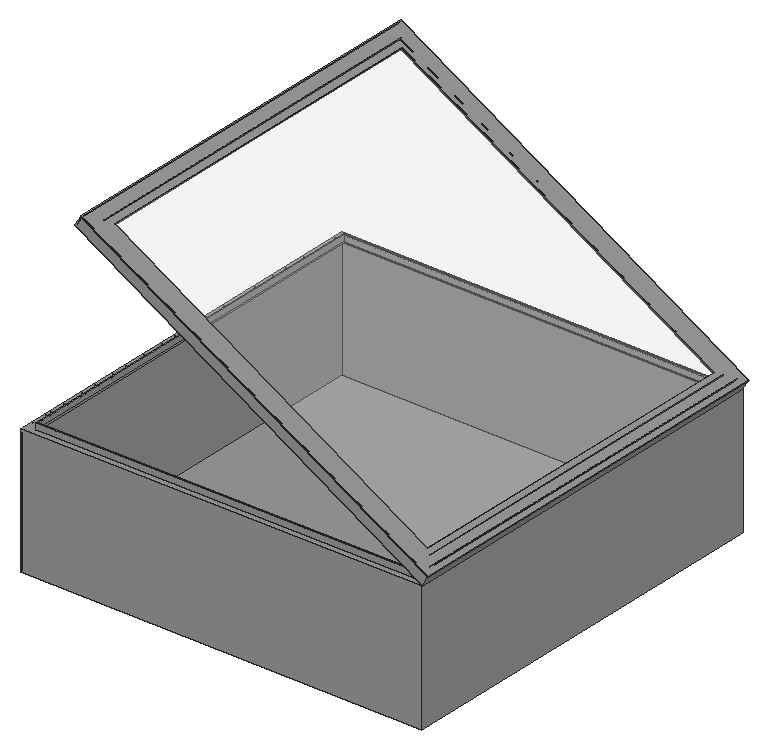
Revit family "Hager-Orion_Inox-IP66-D210-Cl.I-Inox_encl-630A-600mm-CH-de", category Electrical Equipment, host Face, Revit 2020
Family settings
  Host = Face
  Panel Configuration = Two Columns, Circuits Across
  Round Connector Dimension = Use Diameter
  Part Type = Panelboard
  Cut with Voids When Loaded = No
  Shared = No
  Room Calculation Point = No
Parameters (values of type "Aufputz IP66 B600 H600 T210  - FL028TWL")
  Width Control [instance] = if([EF000008 - Breite] > Min Width, [EF000008 - Breite], Min Width)  # 600 mm
  Type Comments = [HG000003 - Bereich]  # "Orion Inox"
  Thickness Door [instance] = if([EF009171 - Materialstärke Tür/Deckel] > 3 mm, 3 mm, [EF009171 - Materialstärke Tür/Deckel])  # 1.5 mm
  Seal Frame Offset [instance] = 17 mm  # constant formula
  Model = ""
  Min Width [instance] = 100 mm  # constant formula
  Min Height [instance] = 100 mm  # constant formula
  Min Depth [instance] = (2 * [EF009170 - Materialstärke Gehäuse]) + 1 mm  # 4 mm
  Internal Frame Depth [instance] = (Door System Depth * 0.5)  # 9 mm
  Height Control [instance] = if([EF000040 - Höhe] > Min Height, [EF000040 - Höhe], Min Height)  # 600 mm
  HG000027 - Sockelhöhe = 0 mm
  HG000026 - Stehend auf dem Boden = no
  HG000024 - Höhe des unteren Teils = 800 mm
  HG000023 - Gehäuse mit doppeltem Querschnitt = no
  HG000016 - 3D-Türsichtbarkeit [instance] = yes
  HG000015 - Sichtbarkeit der Türöffnung [instance] = no
  HG000014 - Tür rechts [instance] = yes
  HG000013 - Tür links [instance] = not([HG000014 - Tür rechts])  # no
  HG000012 - Türschwenkwinkel [instance] = 30.00°
  HG000010 - Asymmetrische Türen = no
  HG000009 - Doppelflügeligen Tür = no
  HG000006 - Unterputz = no
  HG000004 - Herstellerreferenz = "FL028TWL"
  HG000003 - Bereich = "Orion Inox"
  HG000002 - Mit tür = yes
  Frame Offset Bottom [instance] = 10 mm  # constant formula
  Frame Offset [instance] = 15 mm  # constant formula
  EF015940 - Deckel mit Überdruckentlastung = no
  EF011959 - Schutzart (NEMA) = ""
  EF009554 - Anzahl der Öffnungen für Flanschplatten = 0
  Manufacturer = "Hager"  # constant formula
  EF009212 - Ausführung Deckel = "EV000116 - geschlossen"
  EF009171 - Materialstärke Tür/Deckel = 1.5 mm
  EF009170 - Materialstärke Gehäuse = 1.5 mm
  EF008873 - Nennstrom (In) = 630 A
  EF007800 - Geeignet für Blitzschutz = no
  EF006306 - Mit Schloss = yes
  EF006244 - Transparenter Deckel/Tür = yes
  EF005474 - Schutzart (IP) = "EV006422 - IP66"
  EF004464 - Art der Tür = "EV002646 - Einzel"
  EF004427 - Anzahl der Module = 0
  EF004293 - Schlagfestigkeit = "EV006814 - IK08"
  EF003532 - Geeignet für Außengebrauch = yes
  EF002950 - Breite in Teilungseinheiten = 0
  EF001613 - Funktionserhalt = "EV000494 - ohne"
  EF001596 - Werkstoff des Gehäuses = "EV000166 - rostfreier Stahl"
  EF001131 - Innentiefe = 176 mm
  EF001088 - Anbaumöglichkeit = yes
  EF000437 - Anzahl der Leitungseinführungen = 0
  EF000339 - Art der Abdeckung = "EV004216 - Tür"
  EF000266 - Anzahl der Reihen = 0
  EF000218 - Einbautiefe = 0 mm
  EF000118 - Mit Montageplatte = no
  EF000116 - RAL-Nummer = ""
  EF000049 - Tiefe = 210 mm
  EF000040 - Höhe = 600 mm
  EF000008 - Breite = 600 mm
  EF000007 - Farbe = "EV000154 - sonstige"
  EF000003 - Montageart = "EV000384 - Aufputz"
  Door System Leaf Tolerance [instance] = 1.5 mm  # constant formula
  Door System Depth [instance] = 18 mm  # constant formula
  Depth Control [instance] = if([EF000049 - Tiefe] > Min Depth, [EF000049 - Tiefe], Min Depth)  # 210 mm
  Default Elevation = 0 mm
Types (12, lengths in mm): name | Width Control | HG000004 - Herstellerreferenz | EF009212 - Ausführung Deckel | EF006306 - Mit Schloss | EF006244 - Transparenter Deckel/Tür | EF004293 - Schlagfestigkeit | EF001613 - Funktionserhalt | EF000008 - Breite
  Aufputz IP66 B400 H600 T210  - FL025BWL | 400 | "FL025BWL" | "EV009916 - mit Ausschnitt" | no | no | "EV008784 - IK10" | "" | 400
  Aufputz IP66 B400 H600 T210  - FL025TW | 400 | "FL025TW" | "EV000116 - geschlossen" | yes | yes | "EV006814 - IK08" | "EV000494 - ohne" | 400
  Aufputz IP66 B400 H600 T210  - FL025TWL | 400 | "FL025TWL" | "EV000116 - geschlossen" | yes | yes | "EV006814 - IK08" | "EV000494 - ohne" | 400
  Aufputz IP66 B500 H600 T210  - FL027BW | 500 | "FL027BW" | "EV000116 - geschlossen" | yes | no | "EV008784 - IK10" | "EV000494 - ohne" | 500
  Aufputz IP66 B500 H600 T210  - FL027BWL | 500 | "FL027BWL" | "EV000116 - geschlossen" | yes | no | "EV008784 - IK10" | "EV000494 - ohne" | 500
  Aufputz IP66 B500 H600 T210  - FL027TW | 500 | "FL027TW" | "EV000116 - geschlossen" | yes | yes | "EV006814 - IK08" | "EV000494 - ohne" | 500
  Aufputz IP66 B500 H600 T210  - FL027TWL | 500 | "FL027TWL" | "EV000116 - geschlossen" | yes | yes | "EV006814 - IK08" | "EV000494 - ohne" | 500
  Aufputz IP66 B600 H600 T210  - FL025BW | 600 | "FL025BW" | "EV009916 - mit Ausschnitt" | no | no | "EV008784 - IK10" | "" | 600
  Aufputz IP66 B600 H600 T210  - FL028BW | 600 | "FL028BW" | "EV000116 - geschlossen" | yes | no | "EV008784 - IK10" | "EV000494 - ohne" | 600
  Aufputz IP66 B600 H600 T210  - FL028BWL | 600 | "FL028BWL" | "EV000116 - geschlossen" | yes | no | "EV008784 - IK10" | "EV000494 - ohne" | 600
  Aufputz IP66 B600 H600 T210  - FL028TW | 600 | "FL028TW" | "EV000116 - geschlossen" | yes | yes | "EV006814 - IK08" | "EV000494 - ohne" | 600
  Aufputz IP66 B600 H600 T210  - FL028TWL | 600 | "FL028TWL" | "EV000116 - geschlossen" | yes | yes | "EV006814 - IK08" | "EV000494 - ohne" | 600
Reference planes
  plane 1 "Center (Front/Back)": y = 0
  plane 2: z = 0
  plane 3 "Center (Left/Right)": x = 0
  plane 4: z = 210
  plane 5: y = 1.5
  plane 6: y = 300
  plane 7: y = 0
  plane 8: y = 600
  plane 9: z = 0
  plane 10: x = -285
  plane 11: x = 285
  plane 12: x = 283.5
  plane 13: x = -283.5
  plane 14: y = 598.5
  plane 15: x = -283
  plane 16: x = -300
  plane 17: x = 283
  plane 18: x = 300
  plane 19: x = 298.5
  plane 20: x = -298.5
  plane 21: y = 11.5
  plane 22: y = 600
  plane 23: y = 583.5
  plane 24: z = 192
  plane 25: z = 1.5
  plane 26: z = 190.5
  plane 27: z = 208.5
Forms (mm)
  Extrusion 1, solid, material "Hager_Stainless_Steel", detail levels medium+fine
    sketch origin (0, 0, 0) x (1, 0, 0) y (0, 1, 0)
      loop
        line (-300, 0) -> (300, 0) -> (300, 600) -> (-300, 600) -> (-300, 0)
    from 0 to 192
  Extrusion 2, solid, material "Hager_Steel_RAL 7035_Light_Grey", not visible, detail levels medium+fine
    sketch origin (0, 28.16, 50.802) x (0, 1, 0) y (0, 0, 1)
      loop
        line (323.34, -50.802) -> (323.34, 147.698)
        arc (323.34, 147.698) -> (320.411, 154.769) -> (313.34, 157.698) r 10
        line (313.34, 157.698) -> (283.34, 157.698) -> (283.34, -50.802) -> (323.34, -50.802)
    from -298.5 to 298.5
  Extrusion 3, void
    sketch origin (0, 0, 0) x (1, 0, 0) y (0, 1, 0)
      loop
        line (-298.5, 1.5) -> (298.5, 1.5) -> (298.5, 598.5) -> (-298.5, 598.5) -> (-298.5, 1.5)
    from 1.5 to 190.5
  Extrusion 4, void
    sketch origin (-381.607, -4572, 192) x (0, -1, 0) y (-1, 0, 0)
      loop
        line (-4583.5, -98.107) -> (-5155.5, -98.107) -> (-5155.5, -665.107) -> (-4583.5, -665.107) -> (-4583.5, -98.107)
    from 0 to 1.5 <- "EF009170 - Materialstärke Gehäuse"
  Extrusion 5, solid, material "Hager_Stainless_Steel", detail levels fine
    sketch origin (-381.607, -4572, 192) x (-1, 0, 0) y (0, -1, 0)
      loop
        line (-98.107, -4583.5) -> (-665.107, -4583.5) -> (-665.107, -5155.5) -> (-98.107, -5155.5) -> (-98.107, -4583.5)
      loop
        line (-97.107, -4582) -> (-666.107, -4582) -> (-666.107, -5157) -> (-97.107, -5157) -> (-97.107, -4582)
    from 0 to 9 <- "Internal Frame Depth"
  Extrusion 6, solid, material "Hager_Stainless_Steel", detail levels coarse
    sketch origin (0, 0, 0) x (1, 0, 0) y (0, 1, 0)
      loop
        line (-300, 0) -> (300, 0) -> (300, 600) -> (-300, 600) -> (-300, 0)
    from 0 to 210
Cuts and joins
  Extrusion 3, Extrusion 4 cuts Extrusion 1
Lines and regions (mm)
  Masking region 1
    outline origin (0, 0, 0) x (1, 0, 0) y (0, 0, 1)
      loop
        line (-300, 210) -> (-300, 0) -> (300, 0) -> (300, 210) -> (-300, 210)
  Masking region 2, detail levels medium+fine
    outline origin (0, 140, 0) x (0, 1, 0) y (0, 0, 1)
      loop
        line (-140, 0) -> (460, 0) -> (460, 192) -> (-140, 192) -> (-140, 0)
  Masking region 3, not visible, detail levels medium+fine
    outline origin (0, 297.922, 0) x (0, 1, 0) y (0, 0, 1)
      loop
        line (13.578, 0) -> (53.578, 0) -> (53.578, 198.5)
        arc (53.578, 198.5) -> (50.649, 205.571) -> (43.578, 208.5) r 10
        line (43.578, 208.5) -> (13.578, 208.5) -> (13.578, 0)
  Masking region 4, detail levels coarse
    outline origin (0, 0, 180) x (0, 1, 0) y (0, 0, 1)
      loop
        line (0, -180) -> (600, -180) -> (600, 30) -> (0, 30) -> (0, -180)
  Masking region 5
    outline origin (-381.607, -4572, 192) x (-1, 0, 0) y (0, -1, 0)
      loop
        line (-81.607, -5172) -> (-81.607, -4572) -> (-681.607, -4572) -> (-681.607, -5172) -> (-81.607, -5172)
Dimensions and locks
  "Depth Control": plane 4 to host face
  "EF009170 - Materialstärke Gehäuse": plane 5 to plane 7
  locked: connector elem to plane 3 "Center (Left/Right)"
  equal spacing: plane 8, plane 6, plane 7
  locked: connector elem to plane 6
  "EF009170 - Materialstärke Gehäuse": plane 8 to plane 14
  "EF009170 - Materialstärke Gehäuse": plane 10 to plane 13
  "EF009170 - Materialstärke Gehäuse": plane 12 to plane 11
  "Frame Offset": plane 20 to plane 13
  "Frame Offset": plane 12 to plane 19
  "EF009170 - Materialstärke Gehäuse": plane 16 to plane 20
  "EF009170 - Materialstärke Gehäuse": plane 19 to plane 18
  "Seal Frame Offset": plane 16 to plane 15
  "Seal Frame Offset": plane 17 to plane 18
  "Frame Offset Bottom": plane 21 to plane 5
  "Frame Offset": plane 14 to plane 23
  equal spacing: plane 16, plane 3 "Center (Left/Right)", plane 18
  "Width Control": plane 16 to plane 18
  "EF009170 - Materialstärke Gehäuse": plane 4 to plane 27
  "EF009170 - Materialstärke Gehäuse": plane 24 to plane 26
  "EF009170 - Materialstärke Gehäuse": plane 25 to level
  "Door System Depth": plane 4 to plane 24
  "Height Control": plane 1 "Center (Front/Back)" to Extrusion 6 sketch curve
  "Height Control": Masking region 4 sketch curve to plane 1 "Center (Front/Back)"
  "Thickness Door": Extrusion 5 sketch curve to plane 15
  "Thickness Door": plane 21 to Extrusion 5 sketch curve
  "Thickness Door": plane 17 to Extrusion 5 sketch curve
  "Thickness Door": Extrusion 5 sketch curve to plane 23
  "Height Control": plane 1 "Center (Front/Back)" to plane 22
  radius of Masking region 3 sketch curve = 10 mm
  radius of Extrusion 2 sketch curve = 10 mm
  aligned and locked: plane 2 to host face
  aligned and locked: level to host face
  aligned and locked: level to Masking region 1 sketch curve
  aligned and locked: Masking region 1 sketch curve to plane 18
  aligned and locked: Masking region 1 sketch curve to plane 16
  aligned and locked: plane 7 to Masking region 2 sketch curve
  aligned and locked: level to Masking region 3 sketch curve
  aligned and locked: Masking region 3 sketch curve to plane 27
  aligned and locked: level to Masking region 2 sketch curve
  aligned and locked: Extrusion 1 sketch curve to plane 7
  aligned and locked: plane 16 to Extrusion 1 sketch curve
  aligned and locked: plane 18 to Extrusion 1 sketch curve
  aligned and locked: Extrusion 2 sketch curve to level
  aligned and locked: plane 27 to Extrusion 2 sketch curve
  aligned and locked: plane 20 to Extrusion 2
  aligned and locked: plane 19 to Extrusion 2
  aligned and locked: plane 20 to Extrusion 3 sketch curve
  aligned and locked: plane 19 to Extrusion 3 sketch curve
  aligned and locked: Extrusion 3 sketch curve to plane 5
  aligned and locked: Extrusion 3 to plane 25
  aligned and locked: plane 26 to Extrusion 3
  aligned and locked: plane 24 to Extrusion 1
  aligned and locked: Extrusion 4 sketch curve to plane 21
  aligned and locked: Extrusion 4 sketch curve to plane 13
  aligned and locked: Extrusion 4 sketch curve to plane 12
  aligned and locked: plane 18 to Extrusion 6 sketch curve
  aligned and locked: plane 1 "Center (Front/Back)" to Extrusion 6 sketch curve
  aligned and locked: plane 16 to Extrusion 6 sketch curve
  aligned and locked: plane 4 to Extrusion 6
  aligned and locked: Extrusion 6 to level
  aligned and locked: level to Masking region 4 sketch curve
  aligned and locked: Masking region 4 sketch curve to plane 1 "Center (Front/Back)"
  aligned and locked: Masking region 4 sketch curve to plane 4
  aligned and locked: nested 1 to level
  aligned and locked: nested 1 to plane 16
  aligned and locked: plane 8 to Extrusion 1 sketch curve
  aligned and locked: plane 23 to Extrusion 4 sketch curve
  aligned and locked: plane 14 to Extrusion 3 sketch curve
  aligned and locked: Extrusion 5 sketch curve to plane 21
  aligned and locked: plane 13 to Extrusion 5 sketch curve
  aligned and locked: plane 23 to Extrusion 5 sketch curve
  aligned and locked: plane 12 to Extrusion 5 sketch curve
  aligned and locked: Masking region 2 sketch curve to plane 8
  aligned and locked: Masking region 2 sketch curve to plane 24
  aligned and locked: nested 2 to plane 3 "Center (Left/Right)"
  aligned and locked: nested 2 to plane 24
  aligned and locked: Masking region 5 sketch curve to plane 1 "Center (Front/Back)"
  aligned and locked: Masking region 5 sketch curve to plane 18
  aligned and locked: Masking region 5 sketch curve to plane 22
  aligned and locked: Masking region 5 sketch curve to plane 16
  aligned and locked: plane 8 to plane 22
  aligned and locked: plane 7 to plane 1 "Center (Front/Back)"
  aligned and locked: nested 2 to plane 1 "Center (Front/Back)"
Automatic sketch dimensions
  host sketch curve to host sketch curve = 1469.727 mm
  host sketch curve to host sketch curve = 2116.445 mm
  plane 6 to Masking region 3 sketch curve = 11.5 mm
  Masking region 3 sketch curve to Masking region 3 sketch curve = 30 mm
  plane 6 to Extrusion 2 sketch curve = 11.5 mm
  Extrusion 2 sketch curve to Extrusion 2 sketch curve = 30 mm
  Masking region 1 sketch curve to plane 4 = 0 mm
Nested families
  nested 1: "Hager_Enclosure_Symbol" at (-300, 0, 0) x (1, 0, 0) z (0, -1, 0), Height <- "Depth Control", Width <- "Width Control", type "Hager_Enclosure_Symbol"
    with Width_Ctrl 600 mm, Width 600 mm, Height_Ctrl 210 mm, Height 210 mm, A_Width_Int 13.781 mm, A_Width 165.375 mm, A_Height_Ctrl 183.75 mm, A_Height 183.75 mm
  nested 2: "EC000058_OrionInox_Door" at (0, 600, 192) x (1, 0, 0) z (0, -1, 0), Leaf_Tolerance <- "Door System Leaf Tolerance", Angle <- "HG000012 - Türschwenkwinkel", Door_Depth <- "Door System Depth", Door_Left <- "HG000013 - Tür links", Transparent <- "EF006244 - Transparenter Deckel/Tür", Assymetrical <- "HG000010 - Asymmetrische Türen", Width <- "Width Control", Clearance <- "HG000015 - Sichtbarkeit der Türöffnung", Double <- "HG000009 - Doppelflügeligen Tür", 3d_Door <- "HG000016 - 3D-Türsichtbarkeit", Width_Ctrl <- "Width Control", Door_Right <- "HG000014 - Tür rechts", Door <- "HG000002 - Mit tür", Height <- "Height Control", Thickness <- "Thickness Door", type "EC000058_OrionInox_Door", detail levels medium+fine
    with min_wh 4 mm, Width_Ctrl 600 mm, Width 600 mm, Transparent yes, Thickness 1.5 mm, Seal_Material Hager_Rubber, Leaf_Width 600 mm, Leaf_Tolerance_External_Sides 0 mm, Leaf_Tolerance 1.5 mm, Leaf_Offset 0 mm, Leaf_Height 597 mm, Leaf_2_Width 600 mm, Leaf_2_Offset 300 mm, Leaf_1_Width 600 mm, Leaf_1_Offset 300 mm, Height_Ctrl 600 mm, Height 600 mm, Glass_Material Hager_Glass, Double_Clearance_Ctrl no, Double no, Door_Right_Ctrl yes, Door_Right yes, Door_Material Hager_Stainless_Steel, Door_Left_Ctrl no, Door_Left no, Door_Depth 18 mm, Door yes, Clearance_Material Hager_Clearance, Clearance_Depth 600 mm, Clearance_Ctrl no, Clearance no, Assymetrical no, Angle 30.00°, 3d_Door yes
Connectors
  electrical at (0, 300, 0)
    settings: on plane 9, index 1, voltage 0 V, apparent load 0 VA, apparent load phase1 0 VA, apparent load phase2 0 VA, apparent load phase3 0 VA, power factor 1, load classification "Other", number of poles 1, system type 30, power factor state 1, is connector primary yes, connector utility no, sub classification motor no, connector description ""
Definition of nested family "EC000058_OrionInox_Door"
  Parameters (values of type "EC000058_OrionInox_Door")
    min_wh [instance] = (2 * Thickness) + 1 mm  # 11 mm
    Width_Ctrl [instance] = 400 mm
    Width [instance] = 500 mm
    Transparent [instance] = yes
    Thickness [instance] = 5 mm
    Seal_Material [instance] = none
    Leaf_Width [instance] = if((Width_Ctrl - 2 * Leaf_Tolerance_External_Sides) > 0 mm, (Width_Ctrl - 2 * Leaf_Tolerance_External_Sides), min_wh)  # 400 mm
    Leaf_Tolerance_External_Sides [instance] = 0 mm  # constant formula
    Leaf_Tolerance [instance] = 1.5 mm
    Leaf_Offset [instance] = 0 mm  # constant formula
    Leaf_Height [instance] = if((Height_Ctrl - 2 * Leaf_Tolerance) > 0 mm, (Height_Ctrl - 2 * Leaf_Tolerance), min_wh)  # 497 mm
    Leaf_2_Width [instance] = if(and(and(Double, Assymetrical), Door_Left), (Leaf_Width / 3) - (Leaf_Tolerance / 2), if(and(and(Double, Assymetrical), Door_Right), (Leaf_Width / 3) * 2 - (Leaf_Tolerance / 2), if(and(Double, not(Assymetrical)), (Leaf_Width / 2) - Leaf_Tolerance, Leaf_Width)))  # 400 mm
    Leaf_2_Offset [instance] = if(and(Double, Assymetrical), Leaf_2_Width / 2, if(and(Double, not(Assymetrical)), Leaf_Width / 4, Leaf_Width / 2))  # 200 mm
    Leaf_1_Width [instance] = if(and(and(Double, Assymetrical), Door_Right), (Leaf_Width / 3) - (Leaf_Tolerance / 2), if(and(and(Double, Assymetrical), Door_Left), (Width / 3) * 2 - (Leaf_Tolerance / 2), if(and(Double, not(Assymetrical)), (Leaf_Width / 2) - Leaf_Tolerance, Leaf_Width)))  # 400 mm
    Leaf_1_Offset [instance] = if(and(Double, Assymetrical), Leaf_1_Width / 2, if(and(Double, not(Assymetrical)), Leaf_Width / 4, Leaf_Width / 2))  # 200 mm
    Height_Ctrl [instance] = if(Height > min_wh, Height, min_wh)  # 500 mm
    Height [instance] = 500 mm
    Glass_Material [instance] = none
    Double_Clearance_Ctrl [instance] = and(Double, Clearance)  # no
    Double [instance] = no
    Door_Right_Ctrl [instance] = and(or(Door_Right, Double), Door)  # yes
    Door_Right [instance] = yes
    Door_Material [instance] = none
    Door_Left_Ctrl [instance] = and(or(Door_Left, Double), Door)  # no
    Door_Left [instance] = no
    Door_Depth [instance] = 30 mm
    Door [instance] = yes
    Default Elevation = 1219.2 mm
    Clearance_Material [instance] = none
    Clearance_Depth [instance] = if(Leaf_1_Width > Leaf_2_Width, Leaf_1_Width, Leaf_2_Width)  # 400 mm
    Clearance_Ctrl [instance] = and(not(Double), Clearance)  # yes
    Clearance [instance] = yes
    Assymetrical [instance] = yes
    Angle [instance] = 30.00°
    3d_Door [instance] = yes
  Reference planes
    plane 1 "Center (Front/Back)": y = 0
    plane 2 "Bottom": z = 0
    plane 3 "Center (Left/Right)": x = 0
    plane 4: z = 500
    plane 5: x = -200
    plane 6: x = 200
    plane 7: z = 500
    plane 8: x = -200
    plane 9: z = 0
    plane 10: x = 200
    plane 11: y = 0
    plane 12: z = 1.5
    plane 13: x = -600
    plane 14: y = -400
    plane 15: x = 600
    plane 16: x = 0
    plane 17: x = 0
    plane 18: x = -200
    plane 19: x = 200
    plane 20: z = 498.5
  Forms (mm)
    Extrusion 1, solid, material <- "Clearance_Material", visible <- "Double_Clearance_Ctrl"
      sketch origin (1200, 0, 0) x (1, 0, 0) y (0, 0, -1)
        loop
          line (-1800, -498.5) -> (-600, -498.5) -> (-600, 0) -> (-1800, 0) -> (-1800, -498.5)
      from 0 to -400
  Dimensions and locks
    equal spacing: plane 5, plane 3 "Center (Left/Right)", plane 6
    "Width_Ctrl": plane 5 to plane 6
    "Leaf_Offset": plane 5 to plane 8
    "Leaf_Offset": plane 6 to plane 10
    "Leaf_Offset": plane 9 to level
    "Leaf_Offset": plane 4 to plane 7
    "Height_Ctrl": plane 4 to level
    "Leaf_Tolerance": plane 12 to plane 9
    locked: plane 11 to plane 1 "Center (Front/Back)"
    "Leaf_1_Offset": plane 18 to plane 16
    "Leaf_2_Offset": plane 17 to plane 19
    "Leaf_1_Width": plane 13 to plane 8
    "Leaf_2_Width": plane 10 to plane 15
    "Clearance_Depth": plane 14 to plane 1 "Center (Front/Back)"
    "Leaf_Tolerance_External_Sides": plane 8 to plane 18
    "Leaf_Tolerance_External_Sides": plane 19 to plane 10
    "Leaf_Tolerance": plane 7 to plane 20
    aligned and locked: level to plane 2 "Bottom"
    aligned and locked: nested 1 to plane 16
    aligned and locked: nested 2 to plane 17
    aligned and locked: Extrusion 1 to plane 13
    aligned and locked: plane 15 to Extrusion 1
    aligned and locked: Extrusion 1 to plane 14
    aligned and locked: plane 12 to nested 1
    aligned and locked: nested 2 to plane 12
    aligned and locked: Extrusion 1 to plane 11
    aligned and locked: plane 20 to Extrusion 1
    aligned and locked: nested 2 to plane 11
    aligned and locked: nested 1 to plane 11
  Automatic sketch dimensions
    Extrusion 1 sketch curve to level = 0 mm
    plane 5 to Extrusion 1 sketch curve = 400 mm
    plane 6 to Extrusion 1 sketch curve = 400 mm
    Extrusion 1 sketch curve to plane 4 = 1.5 mm
  Nested families
    nested 1: "EC000058_OrionInox_Door_Leaf" at (0, 0, 1.5), Width <- "Leaf_1_Width", visible <- "Door_Left_Ctrl", Leaf_Height <- "Leaf_Height", Angle <- "Angle", 3d_Door <- "3d_Door", Transparent <- "Transparent", Clearance Material <- "Clearance_Material", Clearance <- "Clearance_Ctrl", Door_Material <- "Door_Material", Glass_Material <- "Glass_Material", Door_Depth <- "Door_Depth", Seal_Material <- "Seal_Material", Thickness <- "Thickness", type "EC000058_OrionInox_Door_Leaf"
      with Width 400 mm, Transparent_Ctrl yes, Transparent yes, Thickness 5 mm, Standard no, Seal_Material none, Seal_D2 8 mm, Seal_D1 1 mm, Offset_Internal_Frame 10 mm, Lock_Width 28 mm, Lock_Thickness 2 mm, Lock_Radius 6 mm, Leaf_Height 497 mm, Internal_Seal_Thickness 8 mm, Internal_Seal_Depth_2 4.5 mm, Internal_Frame_Depth 25 mm, Glass_Thickness -1 mm, Glass_Offset -2 mm, Glass_Material none, Door_Material none, Door_Depth 30 mm, Clearance Material none, Clearance yes, Angle_Ctrl 30.00°, Angle 30.00°, 3d_Door yes
    nested 2: "EC000058_OrionInox_Door_Leaf" at (0, 0, 1.5) x (-1, 0, 0) z (0, 0, 1), Width <- "Leaf_2_Width", visible <- "Door_Right_Ctrl", Leaf_Height <- "Leaf_Height", Angle <- "Angle", 3d_Door <- "3d_Door", Transparent <- "Transparent", Clearance Material <- "Clearance_Material", Clearance <- "Clearance_Ctrl", Door_Material <- "Door_Material", Glass_Material <- "Glass_Material", Door_Depth <- "Door_Depth", Seal_Material <- "Seal_Material", Thickness <- "Thickness", type "EC000058_OrionInox_Door_Leaf"
      with Width 400 mm, Transparent_Ctrl yes, Transparent yes, Thickness 5 mm, Standard no, Seal_Material none, Seal_D2 8 mm, Seal_D1 1 mm, Offset_Internal_Frame 10 mm, Lock_Width 28 mm, Lock_Thickness 2 mm, Lock_Radius 6 mm, Leaf_Height 497 mm, Internal_Seal_Thickness 8 mm, Internal_Seal_Depth_2 4.5 mm, Internal_Frame_Depth 25 mm, Glass_Thickness -1 mm, Glass_Offset -2 mm, Glass_Material none, Door_Material none, Door_Depth 30 mm, Clearance Material none, Clearance yes, Angle_Ctrl 30.00°, Angle 30.00°, 3d_Door yes
  Definition of nested family "EC000058_OrionInox_Door_Leaf"
    Parameters (values of type "EC000058_OrionInox_Door_Leaf")
      Width [instance] = 450 mm
      Transparent_Ctrl [instance] = and(Transparent, [3d_Door])  # yes
      Transparent [instance] = yes
      Thickness [instance] = 5 mm
      Standard [instance] = and(not(Transparent), [3d_Door])  # no
      Seal_Material [instance] = none
      Seal_D2 [instance] = 8 mm  # constant formula
      Seal_D1 [instance] = 1 mm  # constant formula
      Offset_Internal_Frame [instance] = 10 mm  # constant formula
      Lock_Width [instance] = Door_Depth - Lock_Thickness  # 28 mm
      Lock_Thickness [instance] = 2 mm  # constant formula
      Lock_Radius [instance] = 6 mm  # constant formula
      Leaf_Height [instance] = 450 mm
      Internal_Seal_Thickness [instance] = 8 mm  # constant formula
      Internal_Seal_Depth_2 [instance] = 4.5 mm  # constant formula
      Internal_Frame_Depth [instance] = if(Door_Depth - Thickness > 5 mm, Door_Depth - Thickness, 5 mm)  # 25 mm
      Glass_Thickness [instance] = if(Thickness > 15 mm, Glass_Offset + 10 mm, -1 mm)  # -1 mm
      Glass_Offset [instance] = if(Thickness > 15 mm, -(Thickness + 10 mm) / 2, -2 mm)  # -2 mm
      Glass_Material [instance] = none
      Door_Material [instance] = none
      Door_Depth [instance] = 30 mm
      Default Elevation = 0 mm
      Clearance Material [instance] = none
      Clearance [instance] = yes
      Angle_Ctrl [instance] = if(Angle > 180.00°, 180.00°, Angle)  # 90.00°
      Angle [instance] = 90.00°
      3d_Door [instance] = yes
    Reference planes
      plane 1 "Center (Front/Back)": y = 0
      plane 2: z = 0
      plane 3 "Center (Left/Right)": x = 0
      plane 4: y = 450
      plane 5: x = -225
      plane 6: x = 225
      plane 7: x = -675
      plane 8: z = 450
      plane 9: z = 30
      plane 10: z = 420
      plane 11: x = 195
      plane 12: x = -195
      plane 13: y = -3
      plane 14: z = 107.833
      plane 15: y = -5
      plane 16: y = -223.314
      plane 17: x = -225
      plane 18: y = 30
    Forms (mm)
      Extrusion 1, solid, material <- "Clearance Material", visible <- "Clearance"
        sketch origin (0, 0, 0) x (1, 0, 0) y (0, 0, 1)
          loop
            line (-675, 450) -> (-675, 0) -> (225, 0) -> (225, 450) -> (-675, 450)
        from 0 to -450
      Extrusion 2, solid, material <- "Door_Material", visible <- "Standard", detail levels medium+fine
        sketch origin (-225, 0, 0) x (0, 1, 0) y (-1, 0, 0)
          loop
            line (0, 30) -> (0, 25) -> (450, 25) -> (450, 30) -> (0, 30)
        from 0 to 450 <- "Leaf_Height"
      Extrusion 3, solid, material <- "Door_Material", visible <- "Transparent_Ctrl", detail levels medium+fine
        sketch origin (-225, 0, 0) x (0, 1, 0) y (-1, 0, 0)
          loop
            line (0, 25) -> (450, 25) -> (450, 30) -> (0, 30) -> (0, 25)
        from 0 to 450 <- "Leaf_Height"
      Extrusion 4, void
        sketch origin (-250, 450, 0) x (0, 1, 0) y (0, 0, -1)
          loop
            line (-30, -420) -> (-30, -30) -> (-420, -30) -> (-420, -420) -> (-30, -420)
        from 0 to 5 <- "Thickness"
      Sweep 5, solid, material <- "Seal_Material", visible <- "Transparent_Ctrl", detail levels fine
        path in 3D
          loop
            line (-250, 30, 30) -> (-250, 30, 420) -> (-250, 420, 420) -> (-250, 420, 30) -> (-250, 30, 30)
        profile origin (-250, 225, 30) x (1, 0, 0) y (0, 0, 1)
          loop
            line (0, 0) -> (0, -8) -> (1, -8) -> (1, 0) -> (0, 0)
      Extrusion 6, solid, material <- "Glass_Material", visible <- "Transparent_Ctrl", detail levels medium+fine
        sketch origin (-255, 0, 0) x (0, 1, 0) y (0, 0, -1)
          loop
            line (420, -420) -> (420, -30) -> (30, -30) -> (30, -420) -> (420, -420)
        from -2 <- "Glass_Offset" to -1 <- "Glass_Thickness"
      Extrusion 7, solid, material <- "Door_Material", visible <- "3d_Door", detail levels medium+fine
        sketch origin (-250, 450, 0) x (0, -1, 0) y (0, 0, -1)
          loop
            line (0, -450) -> (450, -450) -> (450, 0) -> (0, 0) -> (0, -450)
          loop
            line (445, -5) -> (5, -5) -> (5, -445) -> (445, -445) -> (445, -5)
        from 0 to 25 <- "Internal_Frame_Depth"
      Sweep 8, solid, material <- "Seal_Material", visible <- "Transparent_Ctrl", detail levels fine
        path in 3D
          loop
            line (-250, 0, 0) -> (-250, 450, 0) -> (-250, 450, 450) -> (-250, 0, 450) -> (-250, 0, 0)
        profile origin (-250, 0, 225) x (1, 0, 0) y (0, 1, 0)
          loop
            line (0, 10) -> (2.975, 10)
            arc (2.975, 10) -> (4.053, 10.447) -> (4.5, 11.525) r 1.525
            line (4.5, 11.525) -> (4.5, 16.527)
            arc (4.5, 16.527) -> (4.069, 17.569) -> (3.027, 18) r 1.473
            line (3.027, 18) -> (0, 18) -> (0, 10)
    Cuts and joins
      Extrusion 4 cuts Extrusion 3
    Lines and regions (mm)
      Masking region 1, detail levels medium+fine
        outline origin (0, 0, 0) x (0, 1, 0) y (0, 0, 1)
          loop
            line (0, 0) -> (30, 0) -> (30, 450) -> (0, 450) -> (0, 0)
      Masking region 2, detail levels medium+fine
        outline origin (0, 0, 0) x (1, 0, 0) y (0, 0, 1)
          loop
            line (-225, 450) -> (-225, 0) -> (225, 0) -> (225, 450) -> (-225, 450)
      symbolic lines
        curve 1: line (225, 0, 0) -> (-675, 0, 0)
        curve 2: arc (225, 0, 0) -> (-225, 450, 0) -> (-675, 0, 0) r 450
        curve 4: line (-255, 0, 0) -> (-255, 450, 0)
      reference lines
        curve 3: line (-225, 0, 0) -> (-225, 450, 0)
      symbolic lines, detail levels medium+fine
        curve 5: line (-255, 450, 0) -> (-250, 450, 0)
        curve 7: line (-250, 0, 0) -> (-255, 0, 0)
        curve 8: line (-250, 0, 0) -> (-225, 0, 0)
        curve 9: line (-225, 0, 0) -> (-225, 450, 0)
        curve 10: line (-225, 450, 0) -> (-250, 450, 0)
      symbolic lines, detail levels fine
        curve 6: line (-250, 450, 0) -> (-250, 0, 0)
      sketch lines
        curve 11: line (-250, 0, 450) -> (-250, 0, 0)
        curve 12: line (-250, 450, 0) -> (-250, 0, 0)
        curve 13: line (-250, 450, 450) -> (-250, 450, 0)
        curve 14: line (-250, 0, 450) -> (-250, 450, 450)
        curve 15: line (-250, 420, 30) -> (-250, 30, 30)
        curve 16: line (-250, 30, 30) -> (-250, 30, 420)
        curve 17: line (-250, 420, 420) -> (-250, 420, 30)
        curve 18: line (-250, 30, 420) -> (-250, 420, 420)
      symbolic lines, visible <- "Transparent", detail levels medium+fine
        curve 19: line (-195, 0, 420) -> (195, 0, 420)
        curve 20: line (-195, 0, 30) -> (-195, 0, 420)
        curve 21: line (195, 0, 30) -> (-195, 0, 30)
        curve 22: line (195, 0, 420) -> (195, 0, 30)
    Dimensions and locks
      "Width": plane 1 "Center (Front/Back)" to plane 4
      equal spacing: plane 5, plane 3 "Center (Left/Right)", plane 6
      "Width": plane 5 to plane 6
      "Width": plane 7 to plane 5
      "Leaf_Height": plane 8 to level
      "Width": curve 5 to curve 3
      "Width": curve 3 to curve 3
      plane 8 to plane 10 = 30 mm
      plane 9 to level = 30 mm
      plane 12 to plane 5 = 30 mm
      plane 6 to plane 11 = 30 mm
      Extrusion 4 sketch curve to Extrusion 3 = 30 mm
      Extrusion 3 to Extrusion 4 sketch curve = 30 mm
      Extrusion 1 to Extrusion 4 sketch curve = 30 mm
      curve 3 to Extrusion 4 sketch curve = 30 mm
      Extrusion 4 sketch curve to cut or joined group of Extrusion 3, Extrusion 4 = 30 mm
      cut or joined group of Extrusion 3, Extrusion 4 to Extrusion 6 sketch curve = 30 mm
      cut or joined group of Extrusion 3, Extrusion 4 to Extrusion 4 sketch curve = 30 mm
      "Thickness": curve 6 to curve 4
      "Thickness": Extrusion 7 sketch curve to Extrusion 7 sketch curve  (x4)
      "Door_Depth": curve 4 to curve 3
      "Offset_Internal_Frame": profile plane to Sweep 8 sketch curve
      "Internal_Seal_Thickness": Sweep 8 sketch curve to Sweep 8 sketch curve
      "Internal_Seal_Depth_2": profile plane to Sweep 8 sketch curve
      "Seal_D1": profile plane to Sweep 5 sketch curve
      "Seal_D2": profile plane to Sweep 5 sketch curve
      "Thickness": Extrusion 2 sketch curve to Extrusion 2 sketch curve
      "Door_Depth": plane 18 to plane 1 "Center (Front/Back)"
      radius of Sweep 8 sketch curve = 1.525 mm
      radius of Sweep 8 sketch curve = 1.473 mm
      "Angle_Ctrl": angle plane 1 "Center (Front/Back)" to curve 3
      aligned and locked: level to plane 2
      aligned and locked: Extrusion 1 to curve 1
      aligned and locked: plane 6 to Extrusion 1
      aligned and locked: plane 1 "Center (Front/Back)" to Extrusion 1
      aligned and locked: plane 4 to Extrusion 1
      aligned and locked: plane 8 to Extrusion 1
      aligned and locked: curve 7 to Extrusion 2 sketch curve
      aligned and locked: curve 5 to Extrusion 2 sketch curve
      aligned and locked: curve 7 to Extrusion 3 sketch curve
      aligned and locked: Extrusion 3 sketch curve to curve 4
      aligned and locked: Extrusion 3 sketch curve to curve 6
      aligned and locked: Extrusion 3 sketch curve to curve 5
      aligned and locked: curve 9 to curve 3
      aligned and locked: Extrusion 7 sketch curve to cut or joined group of Extrusion 3, Extrusion 4  (x4)
      aligned and locked: plane 17 to curve 3
      aligned and locked: plane 1 "Center (Front/Back)" to curve 3
      aligned and locked: plane 17 to plane 5
      aligned and locked: Sweep 8 sketch curve to profile plane
      aligned and locked: Sweep 5 sketch curve to profile plane  (x2)
      aligned and locked: plane 1 "Center (Front/Back)" to Masking region 1 sketch curve
      aligned and locked: plane 18 to Masking region 1 sketch curve
      aligned and locked: level to Masking region 1 sketch curve
      aligned and locked: Masking region 1 sketch curve to plane 8
      aligned and locked: plane 17 to Masking region 2 sketch curve
      aligned and locked: level to Masking region 2 sketch curve
      aligned and locked: Masking region 2 sketch curve to plane 8
      aligned and locked: plane 12 to curve 20
      aligned and locked: plane 10 to curve 19
      aligned and locked: plane 11 to curve 22
      aligned and locked: plane 9 to curve 21
      aligned and locked: Extrusion 2 sketch curve to cut or joined group of Extrusion 3, Extrusion 4
    Automatic sketch dimensions
      plane 1 "Center (Front/Back)" to curve 2 = 0 mm
      curve 2 to plane 5 = 0 mm
      Extrusion 1 sketch curve to level = 0 mm
      Extrusion 1 sketch curve to plane 7 = 0 mm
      Extrusion 1 sketch curve to plane 6 = 0 mm
      Extrusion 1 sketch curve to plane 8 = 0 mm
      Extrusion 3 to Extrusion 6 sketch curve = 30 mm  (x4)
      Masking region 2 sketch curve to plane 6 = 0 mm
      curve 4 to curve 3 = 0 mm
Definition of nested family "Hager_Enclosure_Symbol"
  Parameters (values of type "Hager_Enclosure_Symbol")
    Width_Ctrl [instance] = if(Width > 1 mm, Width, 1 mm)  # 102.27 mm
    Width [instance] = 102.27 mm
    Height_Ctrl [instance] = if(Height > 1 mm, Height, 1 mm)  # 66.5 mm
    A_Width_Int [instance] = if(A_Width / 12 > 2 mm, A_Width / 12, 2 mm)  # 4.364 mm
    A_Width [instance] = if(A_Height_Ctrl * 0.9 > 2 mm, A_Height_Ctrl * 0.9, 2 mm)  # 52.369 mm
    A_Height_Ctrl [instance] = if(A_Height > 2 mm, A_Height, 2 mm)  # 58.188 mm
    Height [instance] = 66.5 mm
    A_Height [instance] = Height - (Height / 8)  # 58.188 mm
  Reference planes
    plane 1 "Centre (avant/arrière)": y = 0
    plane 2: z = 0
    plane 3 "Centre (gauche/droite)": x = 0
    plane 4: x = 52.369
    plane 5: y = 33.042
    plane 6: y = 41.77
    plane 7: y = 66.5
    plane 8: x = 26.184
    plane 9: y = 37.406
    plane 10: x = 102.27
    plane 11: y = 66.5
    plane 12: y = 8.313
  Lines and regions (mm)
    Filled region 1, type "Solid_Black", in view "Niveau de réf."
      outline origin (0, 0, 0) x (1, 0, 0) y (0, 1, 0)
        loop
          line (52.369, 66.5) -> (33.188, 54.536) -> (45.365, 45.006) -> (52.369, 66.5)
    Filled region 2, type "Solid_Black", in view "Niveau de réf."
      outline origin (0, 0, 0) x (1, 0, 0) y (0, 1, 0)
        loop
          line (0, 0) -> (102.27, 0) -> (102.27, 66.5) -> (0, 0)
    detail lines, in view "Niveau de réf."
      curve 1: line (0, 8.313, 0) -> (26.184, 41.77, 0)
      curve 2: line (26.184, 41.77, 0) -> (26.184, 33.042, 0)
      curve 3: line (26.184, 33.042, 0) -> (52.369, 66.5, 0)
  Dimensions and locks
    "A_Width": plane 3 "Centre (gauche/droite)" to plane 4
    equal spacing: plane 3 "Centre (gauche/droite)", plane 8, plane 4
    equal spacing: plane 6, plane 9, plane 5
    equal spacing: curve 3, Filled region 1 sketch curve, Filled region 1 sketch curve
    "Height_Ctrl": plane 1 "Centre (avant/arrière)" to plane 11
    "A_Height_Ctrl": plane 11 to plane 12
    equal spacing: plane 11, plane 9, plane 12
    "A_Width_Int": plane 6 to plane 9
    "Width_Ctrl": plane 3 "Centre (gauche/droite)" to plane 10
    angle Filled region 1 sketch curve to curve 3 = 20.00°
    angle curve 3 to Filled region 1 sketch curve = 20.00°
    locked: curve 3 to Filled region 1 sketch curve (angle 90.00°)
    aligned and locked: plane 10 to Filled region 2
    aligned and locked: plane 11 to Filled region 2 sketch curve
    aligned and locked: plane 10 to Filled region 2 sketch curve
    aligned and locked: plane 3 "Centre (gauche/droite)" to curve 1
    aligned and locked: plane 12 to curve 1
    aligned and locked: plane 7 to plane 11
  Automatic sketch dimensions
    Filled region 1 sketch curve to plane 4 = 0 mm
    Filled region 1 sketch curve to plane 7 = 0 mm
    plane 1 "Centre (avant/arrière)" to Filled region 2 sketch curve = 0 mm
    Filled region 2 sketch curve to plane 3 "Centre (gauche/droite)" = 0 mm
    curve 2 to plane 6 = 0 mm
    curve 2 to plane 8 = 0 mm
    curve 3 to plane 4 = 0 mm
    curve 2 to plane 5 = 0 mm
    curve 3 to plane 7 = 0 mm
